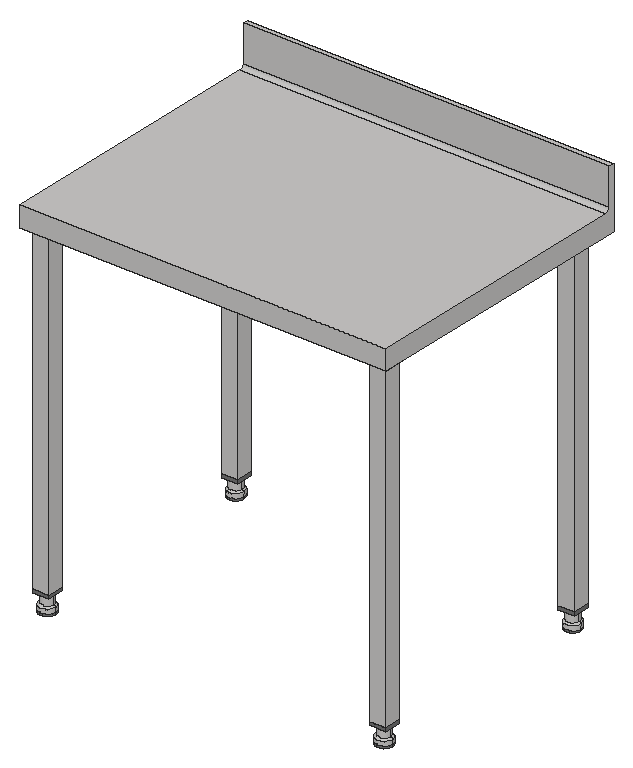
Revit family "QF_ELECTROLUXPROFESSIONAL_133231_TG900MHBN", category Attrezzature speciali, Revit 2020
Family settings
  Quota connettore circolare = Usa diametro
  Tipo di parte = Normale
  Basato su piano di lavoro = No
  Sempre verticale = Sì
  Taglio con vuoti quando caricato = No
  Condiviso = No
  Punto di calcolo locali = No
Parameters (values of type "Standard")
  Weight = 30.00 kg
  Watts = 0 W
  Volts = 0 V
  URL Manufacturer = "https://www.electroluxprofessional.com/"
  URL = "https://www.electroluxprofessional.com/"
  Steam Supply Size = 0 mm
  Steam Supply Minimum Pressure = 0.0 Pa
  Steam Supply Maximum Pressure = 0.0 Pa
  Steam Consumption per Hour = 0
  Refrigeration Suction Line Size = 0.0 mm
  Refrigeration Liquid Line Size = 0.0 mm
  Refrigerant Compressor Remote = yes
  Prospetto di default = 0.0 mm
  Produttore = "Electrolux Professional"
  Phase = 0
  Modello = "TG900MHBN"
  Length Actual = 900.0 mm  # constant formula
  Item Number = "133231"
  Hot Water Size = 0 mm
  Height Actual = 1000.0 mm  # constant formula
  HP = "0 HP"
  Gas Size = 0 mm
  Gas KW = 0
  Gas Input Pressure = 0 W
  Direct Waste Size = 0 mm
  Descrizione = "WORK TABLE WITH UPSTAND 900 MM"
  Depth Actual = 700.0 mm  # constant formula
  Cycle = 0 Hz
  Condensate Return Size = 0 mm
  Compressed Air Volume = 0.0 L/s
  Compressed Air Size = 0 mm
  Compressed Air Pressure = 0.0 Pa
  Cold Water Size = 0 mm
  Accessory = yes
Reference planes
  plane 1 "Center (Front/Back)": y = 0
  plane 2: z = 0
  plane 3 "Center (Left/Right)": x = 50
  plane 4 "LEFT": x = -400
  plane 5 "RIGHT": x = 500
  plane 6 "BACK": y = 350
  plane 7 "FRONT": y = -350
  plane 8 "Base": z = 850
  plane 9 "TOP": z = 900
  plane 10: x = -364.5
  plane 11: x = 464.5
  plane 12: y = 269.5
  plane 13: y = -310.5
Forms (mm)
  Extrusion 1, solid, material "QF_Finishes_Stainless Steel"
    sketch origin (50, 0, 0) x (0, 1, 0) y (0, 0, 1)
      loop
        line (-350, 850) -> (350, 850) -> (350, 1000) -> (337, 1000) -> (337, 910)
        arc (337, 910) -> (334.071, 902.929) -> (327, 900) r 10
        line (327, 900) -> (-350, 900) -> (-350, 850)
    from 450 to -450
Lines and regions (mm)
  symbolic lines
    curve 1: line (500, 350, 900) -> (-400, 350, 900)
    curve 2: line (-400, 350, 900) -> (-400, -350, 900)
    curve 3: line (-400, -350, 900) -> (500, -350, 900)
    curve 4: line (500, -350, 900) -> (500, 350, 900)
    curve 5: line (500, 337, 900) -> (-400, 337, 900)
Dimensions and locks
  plane 4 "LEFT" to plane 5 "RIGHT" = 900.0 mm
  equal spacing: plane 4 "LEFT", plane 3 "Center (Left/Right)", plane 5 "RIGHT"
  locked: plane 8 "Base" to level at 850
  plane 4 "LEFT" to plane 10 = 35.5 mm
  plane 11 to plane 5 "RIGHT" = 35.5 mm
  plane 10 to plane 11 = 829.0 mm
  locked: Extrusion 1 to level at 1000
  plane 9 "TOP" to level = 900.0 mm
  plane 6 "BACK" to plane 12 = 80.5 mm
  plane 13 to plane 7 "FRONT" = 39.5 mm
  plane 6 "BACK" to plane 7 "FRONT" = 700.0 mm
  plane 12 to plane 13 = 580.0 mm
  equal spacing: plane 6 "BACK", plane 1 "Center (Front/Back)", plane 7 "FRONT"
  aligned and locked: level to plane 2
  aligned and locked: plane 10 to nested 1
  aligned and locked: nested 1 to plane 13
  aligned and locked: plane 11 to nested 2
  aligned and locked: nested 2 to plane 13
  aligned and locked: plane 11 to nested 4
  aligned and locked: nested 4 to plane 12
  aligned and locked: plane 10 to nested 3
  aligned and locked: nested 3 to plane 12
  aligned and locked: Extrusion 1 to plane 4 "LEFT"
  aligned and locked: plane 5 "RIGHT" to Extrusion 1
  aligned and locked: curve 2 to plane 4 "LEFT"
Automatic sketch dimensions
  Extrusion 1 sketch curve to plane 7 "FRONT" = 0.0 mm
  Extrusion 1 sketch curve to plane 9 "TOP" = 0.0 mm
  Extrusion 1 sketch curve to plane 6 "BACK" = 0.0 mm
  Extrusion 1 sketch curve to plane 8 "Base" = 0.0 mm
  plane 9 "TOP" to Extrusion 1 sketch curve = 10.0 mm
  Extrusion 1 sketch curve to plane 6 "BACK" = 13.0 mm
  Extrusion 1 sketch curve to Extrusion 1 sketch curve = 90.0 mm
  curve 3 to plane 7 "FRONT" = 0.0 mm
  curve 5 to plane 5 "RIGHT" = 0.0 mm
  curve 4 to plane 6 "BACK" = 0.0 mm
  curve 5 to plane 6 "BACK" = 13.0 mm
Nested families
  nested 1: "FEET_40x40_APP42" at (-364.5, -310.5, 0), type "FEET_40x40_APP42"
  nested 2: "FEET_40x40_APP42" at (464.5, -310.5, 0), type "FEET_40x40_APP42"
  nested 3: "FEET_40x40_APP42" at (-364.5, 269.5, 0), type "FEET_40x40_APP42"
  nested 4: "FEET_40x40_APP42" at (464.5, 269.5, 0), type "FEET_40x40_APP42"
Definition of nested family "FEET_40x40_APP42"
  Parameters
    Default Elevation = 0.0 mm
    FEET = 850.0 mm
  Reference planes
    plane 1 "Center (Front/Back)": y = 0
    plane 2: z = 0
    plane 3 "Center (Left/Right)": x = 0
    plane 4: z = 850
  Forms (mm)
    Extrusion 1, solid
      sketch origin (0, 0, 0) x (1, 0, 0) y (0, 1, 0)
        loop
          line (-20, -20) -> (20, -20) -> (20, 20) -> (-20, 20) -> (-20, -20)
      from 50 to 845
    Extrusion 2, solid
      sketch origin (0, 0, 0) x (1, 0, 0) y (0, 1, 0)
        loop
          circle (0, 0) r 20
      from 0 to 5
    Extrusion 3, solid
      sketch origin (0, 0, 0) x (1, 0, 0) y (0, 1, 0)
        loop
          line (30, 30) -> (-30, 30) -> (-30, -30) -> (30, -30) -> (30, 30)
      from 845 to 850
    Extrusion 4, solid
      sketch origin (0, 0, 0) x (1, 0, 0) y (0, 1, 0)
        loop
          line (-20, -20) -> (20, -20) -> (20, 20) -> (-20, 20) -> (-20, -20)
      from 50 to 42
    Revolve 5, solid
      sketch origin (0, 0, 0) x (1, 0, 0) y (0, 0, 1)
        loop
          line (0, 42) -> (-15, 42) -> (-15, 20) -> (-20, 15) -> (-20, 5) -> (0, 5) -> (0, 42)
        axis (0, 42) -> (0, 5)
      angle from 0 to 360
  Lines and regions (mm)
    symbolic lines
      curve 1: line (0, -1.503, 0) -> (0, 1.508, 0)
      curve 2: line (1.561, 0, 0) -> (-1.439, 0, 0)
  Dimensions and locks
    "FEET": plane 4 to plane 2
    aligned and locked: level to plane 2
  Automatic sketch dimensions
    plane 1 "Center (Front/Back)" to curve 2 = 0.0 mm
    curve 1 to plane 3 "Center (Left/Right)" = 0.0 mm
    curve 2 to plane 3 "Center (Left/Right)" = 1.439 mm
    plane 3 "Center (Left/Right)" to curve 2 = 1.561 mm
    plane 1 "Center (Front/Back)" to curve 1 = 1.503 mm
    curve 1 to plane 1 "Center (Front/Back)" = 1.508 mm
    Extrusion 1 sketch curve to plane 3 "Center (Left/Right)" = 20.0 mm
    plane 3 "Center (Left/Right)" to Extrusion 1 sketch curve = 20.0 mm
    plane 1 "Center (Front/Back)" to Extrusion 1 sketch curve = 20.0 mm
    Extrusion 1 sketch curve to plane 1 "Center (Front/Back)" = 20.0 mm
    plane 1 "Center (Front/Back)" to Extrusion 2 sketch curve = 0.0 mm
    Extrusion 2 sketch curve to plane 3 "Center (Left/Right)" = 0.0 mm
    Extrusion 3 sketch curve to plane 3 "Center (Left/Right)" = 30.0 mm
    plane 3 "Center (Left/Right)" to Extrusion 3 sketch curve = 30.0 mm
    plane 1 "Center (Front/Back)" to Extrusion 3 sketch curve = 30.0 mm
    Extrusion 3 sketch curve to plane 1 "Center (Front/Back)" = 30.0 mm
    Extrusion 4 sketch curve to plane 3 "Center (Left/Right)" = 20.0 mm
    plane 3 "Center (Left/Right)" to Extrusion 4 sketch curve = 20.0 mm
    plane 1 "Center (Front/Back)" to Extrusion 4 sketch curve = 20.0 mm
    Extrusion 4 sketch curve to plane 1 "Center (Front/Back)" = 20.0 mm
    Revolve 5 sketch curve to plane 3 "Center (Left/Right)" = 0.0 mm  (x2)
    Revolve 5 sketch curve to plane 3 "Center (Left/Right)" = 15.0 mm
    Revolve 5 sketch curve to Revolve 5 sketch curve = 5.0 mm  (x3)
    level to Revolve 5 sketch curve = 5.0 mm
    Revolve 5 sketch curve to Revolve 5 sketch curve = 10.0 mm
    Revolve 5 sketch curve to Revolve 5 sketch curve = 22.0 mm
    Revolve 5 sketch curve to level = 9.561 mm
    radius of Extrusion 2 sketch curve = 20.0 mm
